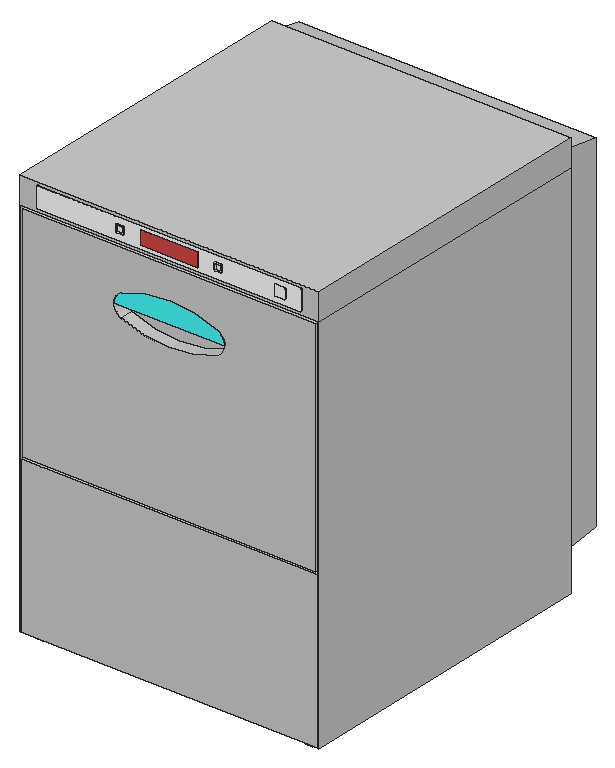
Revit family "QF_COMENDA_CE68", category Attrezzature speciali, Revit 2019
Family settings
  Quota connettore circolare = Usa diametro
  Tipo di parte = Normale
  Numero OmniClass = 23.40.40.14
  Titolo OmniClass = Food Service Equipment
  Basato su piano di lavoro = No
  Sempre verticale = Sì
  Taglio con vuoti quando caricato = No
  Condiviso = No
  Punto di calcolo locali = No
Parameters (values of type "H56525")
  URL catalogo = "https://www.hoonved.com/site/assets/files/1451/20c1957p04_hoonved_12mo_ce68-78-90_39216-1.pdf"
  URL = "https://www.hoonved.com/"
  Tipo di scarico indiretto acqua [instance] = ""
  Tipo di raccordo elettrico [instance] = ""
  Tensione = 400 V
  Temperatura raccomandata per acqua calda  = 0 °C
  Temperatura di alimentazione acqua calda = 0 °C
  Stato [instance] = ""
  Specifiche del Fabbricante [instance] = ""
  Specifiche da parte dell'utilizzatore [instance] = ""
  Specifiche da capitolato = ""
  SMACNA specifica per materiali USA = ""
  Protezione contro le sovracorrenti = 0 A
  Profondità = 695 mm
  Potenza in CV = ""
  Potenza elettrica = 7830 W
  Potenza apparente = 7830 VA
  Portata acqua calda = 0.0 L/s
  Peso netto = 0.00 kg
  Numero di serie = ""
  Numero di identificazione NAFEM = ""
  Numero dei poli = 3
  Modello = "CE68"
  Produttore = "HOONVED"
  Lunghezza = 600 mm
  Installato da [instance] = ""
  Identificatore attrezzatura [instance] = no
  Identificare quantità come lotto [instance] = no
  Frequenza = 50 Hz
  Fornito da [instance] = ""
  Fase = 3
  Diametro raccordo acqua calda = 19.05 mm
  Diametro di scarico indiretto acqua = 50.8 mm
  Descrizione = "MULTIPURPOSE WASHER 500X600 MM RACK SIZE"
  Costo = 0
  Corrente a pieno carico = 11.3 A
  Codice di revisione [instance] = ""
  Codice articolo [instance] = ""
  Classificazione sismica = ""
  Classificazione nel progetto = ""
  Cavo e spina di alimentazione = ""
  Cavo di allacciamento compreso nella fornitura = no
  Assorbimento corrente minimo = 0 A
  Annotazioni scarico [instance] = ""
  Altezza indiretto acqua da pavimento finito [instance] = 100 mm
  Altezza dello scarico diretto acqua da pavimento grezzo [instance] = 0 mm
  Altezza da terra raccordo acqua calda [instance] = 100 mm
  Altezza da pavimento grezzo raccordo acqua calda  [instance] = 0 mm
  Altezza allacciamento elettrico da pavimento grezzo [instance] = 0 mm
  Altezza allacciamento elettrico da pavimento finito [instance] = 100 mm
  Altezza = 830 mm
  Accessorio = no
Types (3, lengths in mm): name | Modello | Descrizione
  H56525 | "CE68" | "MULTIPURPOSE WASHER 500X600 MM RACK SIZE"
  H56526 | "CE68D" | "MULTIPURPOSE WASHER 500X600 MM RACK SIZE WITH WATER SOFTENER"
  H56527 | "CE68D" | "MULTIPURPOSE WASHER 500X600 MM RACK SIZE WITH BREAK TANK"
Reference planes
  plane 1 "Centro (Fronte/Retro)": y = 0
  plane 2: z = 0
  plane 3 "Centro (Sinistra/Destra)": x = 0
Forms (mm)
  Extrusion 1, solid, not visible
    sketch origin (302, -35, 102) x (1, 0, 0) y (0, 1, 0)
      loop
        line (0, 0) -> (2, 0) -> (2, 2) -> (0, 2) -> (0, 0)
    from 0 to 2
  Extrusion 2, solid, not visible
    sketch origin (247, -35, 102) x (1, 0, 0) y (0, 1, 0)
      loop
        line (0, 0) -> (2, 0) -> (2, 2) -> (0, 2) -> (0, 0)
    from 0 to 2
  Extrusion 3, solid, not visible
    sketch origin (357, -35, 102) x (1, 0, 0) y (0, 1, 0)
      loop
        line (0, 0) -> (2, 0) -> (2, 2) -> (0, 2) -> (0, 0)
    from 0 to 2
Dimensions and locks
  aligned and locked: level to plane 2
Nested families
  nested 1: "QF_HOONVED_CE68" at (0, 0, 0), type "H56526"
    with Show Logo yes, Show Clearance yes
Connectors
  electrical at (303, -34, 102), driven by "Potenza apparente", driven by "Numero dei poli", driven by "Tensione"
    settings: on Extrusion 1, index 1, voltage 400 V, apparent load 0 VA, apparent load phase1 7830 VA, apparent load phase2 0 VA, apparent load phase3 0 VA, power factor 1, load classification "Other", number of poles 3, system type 31, power factor state 1, is connector primary yes, connector utility no, sub classification motor no, connector description "Electric connection for '6F0401'"
  piping at (248, -34, 102), diameter 19.05, driven by "Diametro raccordo acqua calda", driven by "Portata acqua calda"
    settings: on Extrusion 2, index 2, connector inside diameter 609.6 mm, connector length 0 mm, flow factor 0, pipe flow 0.0 L/s, pressure drop 0.0 Pa, fitting loss kfactor 0, connector angle 0.00°, fixture units 0, engagement length 0 mm, angle of deflection 0.00°, flow configuration 1, flow direction 1, fitting loss method 0, system type 19, joint type 0, gender type 0, connector reference index -1, connector utility 0, adjustable connector no, is connector primary yes, connector description "Hot Water connection for '6F0401'"
  piping at (358, -34, 102), diameter 50.8, driven by "Diametro di scarico indiretto acqua"
    settings: on Extrusion 3, index 3, connector inside diameter 609.6 mm, connector length 0 mm, flow factor 0, pipe flow 0.0 L/s, pressure drop 0.0 Pa, fitting loss kfactor 0, connector angle 0.00°, fixture units 0, engagement length 0 mm, angle of deflection 0.00°, flow configuration 1, flow direction 2, fitting loss method 0, system type 16, joint type 0, gender type 0, connector reference index -1, connector utility 0, adjustable connector no, is connector primary no, connector description "Drain connection for '6F0401'"
Definition of nested family "QF_HOONVED_CE68"
  Parameters (values of type "H56527")
    URL = "https://www.hoonved.com/"
    Show Logo [instance] = yes
    Show Clearance [instance] = yes
    Model = "CE68BT"
    Manufacturer = "HOONVED"
    Description = "MULTIPURPOSE WASHER 500X600 MM RACK SIZE WITH BREAK TANK"
    Assembly Code = ""
  Types (3, lengths in mm): name | Model | Description
    H56525 | "CE68" | "MULTIPURPOSE WASHER 500X600 MM RACK SIZE"
    H56526 | "CE68D" | "MULTIPURPOSE WASHER 500X600 MM RACK SIZE WITH WATER SOFTENER"
    H56527 | "CE68BT" | "MULTIPURPOSE WASHER 500X600 MM RACK SIZE WITH BREAK TANK"
  Reference planes
    plane 1 "Back": y = 0
    plane 2: z = 0
    plane 3 "Left": x = 0
    plane 4 "Right": x = 600
    plane 5 "Front": y = -695
    plane 6 "Top": z = 830
  Forms (mm)
    Extrusion 1, solid
      sketch origin (0, -95.016, 0) x (1, 0, 0) y (0, 1, 0)
        loop
          line (21.3, -49.113) -> (14.1, -61.584) -> (21.3, -74.054) -> (35.7, -74.054) -> (42.9, -61.584) -> (35.7, -49.113) -> (21.3, -49.113)
        loop
          line (563.3, -49.113) -> (556.1, -61.584) -> (563.3, -74.054) -> (577.7, -74.054) -> (584.9, -61.584) -> (577.7, -49.113) -> (563.3, -49.113)
        loop
          line (21.3, -563.113) -> (14.1, -575.584) -> (21.3, -588.054) -> (35.7, -588.054) -> (42.9, -575.584) -> (35.7, -563.113) -> (21.3, -563.113)
        loop
          line (563.3, -563.113) -> (556.1, -575.584) -> (563.3, -588.054) -> (577.7, -588.054) -> (584.9, -575.584) -> (577.7, -563.113) -> (563.3, -563.113)
      from 0 to 6.5
    Extrusion 2, solid
      sketch origin (0, -95.016, 0) x (1, 0, 0) y (0, 1, 0)
        loop
          circle (28.5, -61.584) r 9
        loop
          circle (570.5, -61.584) r 9
        loop
          circle (28.5, -575.584) r 9
        loop
          circle (570.5, -575.584) r 9
      from 6.5 to 10
    Extrusion 3, solid
      sketch origin (0, -95.016, 4.5) x (0, 1, 0) y (0, 0, 1)
        loop
          line (-599.984, 825.5) -> (-599.984, 770.5) -> (30.016, 770.5) -> (30.016, 825.5) -> (-599.984, 825.5)
      from 0 to 600
    Extrusion 4, solid
      sketch origin (0, -95.016, 0) x (0, 1, 0) y (0, 0, 1)
        loop
          line (-568.297, 775) -> (-568.297, 10) -> (30.016, 10) -> (30.016, 93.657) -> (95.016, 101.638) -> (95.016, 800) -> (30.016, 811.461) -> (30.016, 775) -> (-568.297, 775)
      from 2 to 598
    Extrusion 5, solid
      sketch origin (0, -95.016, 10) x (0, 1, 0) y (0, 0, 1)
        loop
          line (-568.297, 0) -> (-568.297, 310) -> (-599.984, 310) -> (-599.984, 0) -> (-568.297, 0)
      from 2 to 598
    Extrusion 6, solid
      sketch origin (-207.466, -666, 193) x (1, 0, 0) y (0, 0, 1)
        loop
          arc (410.527, 450.519) -> (506.968, 430.572) -> (603.409, 450.519) r 243.118
          arc (603.409, 450.519) -> (617.983, 472.694) -> (603.409, 494.869) r 24.157
          arc (603.409, 494.869) -> (506.968, 515.193) -> (410.527, 494.869) r 238.976
          arc (410.527, 494.869) -> (395.953, 472.694) -> (410.527, 450.519) r 24.157
      from -2.687 to 2
    Extrusion 7, solid
      sketch origin (-207.466, -693, 193) x (1, 0, 0) y (0, 0, 1)
        loop
          arc (410.527, 494.869) -> (399.93, 485.973) -> (395.953, 472.722) r 24.157
          line (395.953, 472.722) -> (617.983, 472.722)
          arc (617.983, 472.722) -> (614.006, 485.973) -> (603.409, 494.869) r 24.157
          arc (603.409, 494.869) -> (506.968, 515.193) -> (410.527, 494.869) r 238.976
      from 0 to 2
    Extrusion 8, solid
      sketch origin (-208.568, -693.5, 213) x (1, 0, 0) y (0, 0, 1)
        loop
          line (242.336, 607.5) -> (242.336, 571.5)
          arc (242.336, 571.5) -> (243.136, 569.568) -> (245.068, 568.768) r 2.732
          line (245.068, 568.768) -> (771.068, 568.768)
          arc (771.068, 568.768) -> (773, 569.568) -> (773.8, 571.5) r 2.732
          line (773.8, 571.5) -> (773.8, 607.5)
          arc (773.8, 607.5) -> (773, 609.432) -> (771.068, 610.232) r 2.732
          line (771.068, 610.232) -> (245.068, 610.232)
          arc (245.068, 610.232) -> (243.136, 609.432) -> (242.336, 607.5) r 2.732
      from 0 to 2
    Extrusion 9, solid
      sketch origin (-208.568, -693.7, 223) x (1, 0, 0) y (0, 0, 1)
        loop
          line (450.568, 593.5) -> (450.568, 565.5) -> (565.568, 565.5) -> (565.568, 593.5) -> (450.568, 593.5)
      from 0 to 2
    Extrusion 10, solid
      sketch origin (-218.568, -693.7, 223) x (1, 0, 0) y (0, 0, 1)
        loop
          arc (731.094, 590.5) -> (729.662, 589.907) -> (729.068, 588.474) r 2.026
          line (729.068, 588.474) -> (729.068, 570.509)
          arc (729.068, 570.509) -> (729.656, 569.088) -> (731.077, 568.5) r 2.009
          line (731.077, 568.5) -> (749.077, 568.5)
          arc (749.077, 568.5) -> (750.485, 569.083) -> (751.068, 570.491) r 1.991
          line (751.068, 570.491) -> (751.068, 588.549)
          arc (751.068, 588.549) -> (750.497, 589.928) -> (749.117, 590.5) r 1.951
          line (749.117, 590.5) -> (731.094, 590.5)
        loop
          arc (611.576, 587.5) -> (609.449, 586.619) -> (608.568, 584.492) r 3.008
          line (608.568, 584.492) -> (608.568, 574.492)
          arc (608.568, 574.492) -> (609.445, 572.376) -> (611.56, 571.5) r 2.992
          line (611.56, 571.5) -> (621.544, 571.5)
          arc (621.544, 571.5) -> (623.683, 572.386) -> (624.568, 574.524) r 3.024
          line (624.568, 574.524) -> (624.568, 584.495)
          arc (624.568, 584.495) -> (623.688, 586.62) -> (621.563, 587.5) r 3.005
          line (621.563, 587.5) -> (611.576, 587.5)
        loop
          line (610.568, 584.492) -> (610.568, 574.492)
          arc (610.568, 574.492) -> (610.859, 573.791) -> (611.56, 573.5) r 0.992
          line (611.56, 573.5) -> (621.544, 573.5)
          arc (621.544, 573.5) -> (622.268, 573.8) -> (622.568, 574.524) r 1.024
          line (622.568, 574.524) -> (622.568, 584.495)
          arc (622.568, 584.495) -> (622.274, 585.206) -> (621.563, 585.5) r 1.005
          line (621.563, 585.5) -> (611.576, 585.5)
          arc (611.576, 585.5) -> (610.863, 585.205) -> (610.568, 584.492) r 1.008
        loop
          arc (414.574, 587.5) -> (412.448, 586.619) -> (411.567, 584.492) r 3.008
          line (411.567, 584.492) -> (411.567, 574.492)
          arc (411.567, 574.492) -> (412.443, 572.376) -> (414.559, 571.5) r 2.992
          line (414.559, 571.5) -> (424.543, 571.5)
          arc (424.543, 571.5) -> (426.681, 572.386) -> (427.567, 574.524) r 3.024
          line (427.567, 574.524) -> (427.567, 584.495)
          arc (427.567, 584.495) -> (426.687, 586.62) -> (424.562, 587.5) r 3.005
          line (424.562, 587.5) -> (414.574, 587.5)
        loop
          line (413.567, 584.492) -> (413.567, 574.492)
          arc (413.567, 574.492) -> (413.857, 573.791) -> (414.559, 573.5) r 0.992
          line (414.559, 573.5) -> (424.543, 573.5)
          arc (424.543, 573.5) -> (425.267, 573.8) -> (425.567, 574.524) r 1.024
          line (425.567, 574.524) -> (425.567, 584.495)
          arc (425.567, 584.495) -> (425.272, 585.206) -> (424.562, 585.5) r 1.005
          line (424.562, 585.5) -> (414.574, 585.5)
          arc (414.574, 585.5) -> (413.862, 585.205) -> (413.567, 584.492) r 1.008
      from 0 to 2
    Extrusion 11, solid
      sketch origin (1000, -666, 119.208) x (1, 0, 0) y (0, 0, 1)
        loop
          line (-994, 650.792) -> (-994, 205.792) -> (-406, 205.792) -> (-406, 650.792) -> (-994, 650.792)
        loop
          arc (-796.939, 568.661) -> (-811.514, 546.486) -> (-796.939, 524.311) r 24.157
          arc (-796.939, 524.311) -> (-700.498, 504.364) -> (-604.057, 524.311) r 243.118
          arc (-604.057, 524.311) -> (-589.483, 546.486) -> (-604.057, 568.661) r 24.157
          arc (-604.057, 568.661) -> (-700.498, 588.985) -> (-796.939, 568.661) r 238.976
      from -2.687 to 29
    Extrusion 12, solid, visible <- "Show Clearance", detail levels coarse
      sketch origin (0, -97.406, 119.208) x (0, 1, 0) y (0, 0, 1)
        loop
          arc (-597.594, 650.792) -> (-915.02, 520.919) -> (-1050.376, 205.792) r 452.85
          line (-1050.376, 205.792) -> (-597.594, 205.792) -> (-597.594, 650.792)
      from 6 to 594
    Extrusion 13, solid
      sketch origin (0, 0, 0) x (0, 1, 0) y (0, 0, 1)
        loop
          line (-65, 10) -> (-65, 775) -> (-695, 775) -> (-695, 10) -> (-65, 10)
      from 0 to 2
    Extrusion 14, solid
      sketch origin (598, 0, 0) x (0, 1, 0) y (0, 0, 1)
        loop
          line (-65, 10) -> (-65, 775) -> (-695, 775) -> (-695, 10) -> (-65, 10)
      from 0 to 2
  Lines and regions (mm)
    symbolic lines
      curve 1: line (0, 0, 0) -> (600, 0, 0)
      curve 2: line (0, -695, 0) -> (0, 0, 0)
      curve 3: line (600, -695, 0) -> (0, -695, 0)
      curve 4: line (600, 0, 0) -> (600, -695, 0)
      curve 8: line (0, -65, 0) -> (600, -65, 0)
    symbolic lines, visible <- "Show Clearance"
      curve 5: line (594, -1147.782, 0) -> (6, -1147.782, 0)
      curve 6: line (6, -695, 0) -> (6, -1147.782, 0)
      curve 7: line (594, -1147.782, 0) -> (594, -695, 0)
  Dimensions and locks
    plane 3 "Left" to plane 4 "Right" = 600 mm
    plane 5 "Front" to plane 1 "Back" = 695 mm
    plane 6 "Top" to level = 830 mm
    aligned and locked: level to plane 2
